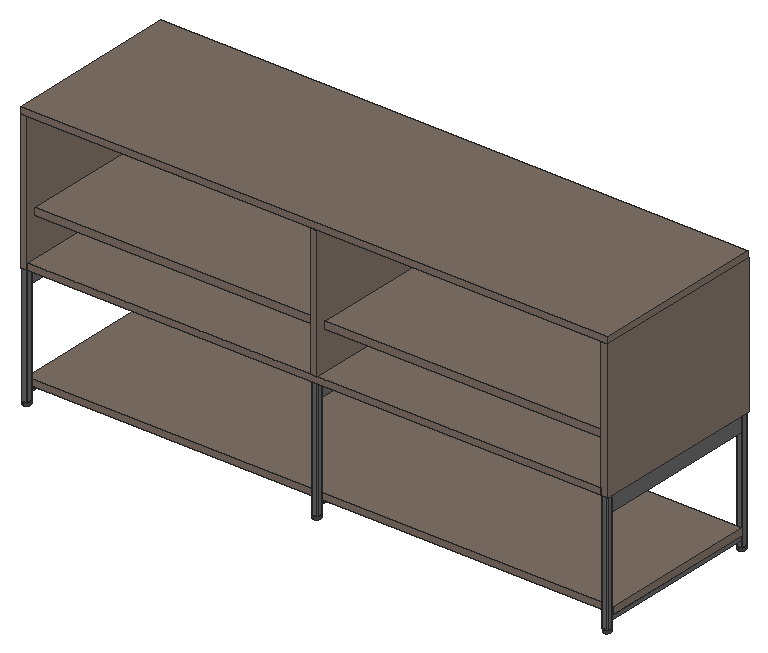
Revit family "Storage-Teknion-LWBHC_Byward_High_Cabinet-R2022", category Furniture, Revit 2022 (continued)
Nested families (in)
  nested 15: "Byward Pull Handle" at (0, -6.95983, -38), visible <- "Single Right Byward Pull Handle", type "Byward Pull"
    with To render please download texture images found here "https://assets.teknion.com/web/5e81352c1dfdb467/revit-material-swatches/", How To Use Teknion Materials User Guide "https://assets.teknion.com/m/205dd0a49fa58060/original/How-to-add-a-Material-Library-and-Texture-Images-to-your-Revit-project.pdf", For Additional Finishes please visit "https://assets.teknion.com/m/44a8009b046e5d47/original/Teknion_Materials_Library.zip"
  nested 16: "Byward Pull Handle" at (0, -6.95983, -38) x (-1, 0, 0) z (0, 0, 1), visible <- "Single Left Byward Pull Handle", type "Byward Pull"
    with To render please download texture images found here "https://assets.teknion.com/web/5e81352c1dfdb467/revit-material-swatches/", How To Use Teknion Materials User Guide "https://assets.teknion.com/m/205dd0a49fa58060/original/How-to-add-a-Material-Library-and-Texture-Images-to-your-Revit-project.pdf", For Additional Finishes please visit "https://assets.teknion.com/m/44a8009b046e5d47/original/Teknion_Materials_Library.zip"
  nested 17: "Rectangular Pull Handle" at (0.19655, -6.95983, -38) x (-1, 0, 0) z (0, 0, 1), visible <- "Single Left Rectangular Pull Handle", type "Rectangular Pull"
    with To render please download texture images found here "https://assets.teknion.com/web/5e81352c1dfdb467/revit-material-swatches/", How To Use Teknion Materials User Guide "https://assets.teknion.com/m/205dd0a49fa58060/original/How-to-add-a-Material-Library-and-Texture-Images-to-your-Revit-project.pdf", For Additional Finishes please visit "https://assets.teknion.com/m/44a8009b046e5d47/original/Teknion_Materials_Library.zip"
  nested 18: "Accessories-Teknion-Byward_Handle-R2018" at (-1.71878, -7.38904, 16.81791) x (-1, 0, 0) z (0, 0, 1), visible <- "Single Left Byward Tab Handle", Handle Paint Finish <- "Handle Paint Finish", Handle Leather Finish <- "Handle Leather Finish", type "Byward Handle"
    with To render please download texture images found here "https://assets.teknion.com/web/5e81352c1dfdb467/revit-material-swatches/", How To Use Teknion Materials User Guide "https://assets.teknion.com/m/205dd0a49fa58060/original/How-to-add-a-Material-Library-and-Texture-Images-to-your-Revit-project.pdf", Handle Paint Finish Paint - Teknion - Mica - Anthracite, Handle Leather Finish Leather-Teknion-N68-Natural, For Additional Finishes please visit "https://assets.teknion.com/m/44a8009b046e5d47/original/Teknion_Materials_Library.zip"
  nested 19: "Teknion_2D_Node_Family-R2021" at (30, 11, 0), type "Teknion_2D_Node_Family-R2021"
  nested 20: "Teknion_2D_Node_Family-R2021" at (-30, 11, 0), type "Teknion_2D_Node_Family-R2021"
  nested 21: "Teknion_2D_Node_Family-R2021" at (-30, -7, 0), type "Teknion_2D_Node_Family-R2021"
  nested 22: "Teknion_2D_Node_Family-R2021" at (30, -7, 0), type "Teknion_2D_Node_Family-R2021"
Definition of nested family "Accessories-Teknion-Byward_Handle-R2018"
  Parameters (values of type "Byward Handle")
    Warranty = "http://www.teknion.com/ca/papers/legal-canada"
    Unit Weight URL = "http://www.teknion.com/ca/tools/assets#&asset=bee6a381-b954-425e-8283-5a2de3a804f2,f828d448-4b62-4231-9e5f-9a8991c0ed77"
    URL = "www.teknion.com"
    To render please download texture images found here [instance] = "https://assets.teknion.com/web/5e81352c1dfdb467/revit-material-swatches/"
    Sustainability Data = "https://www.teknion.com/ca/tools/assets#&topic=216f99a5-57a0-44fc-b10a-9dee9b29ae4c&asset=444deb64-fe58-4b68-981e-f75e97781df7,b4ff2d81-9f2e-437d-9659-7cffb09c31cf"
    Series = "Litewood"  # constant formula
    Product Page URL = "https://www.teknion.com/ca/products/all-products"
    Product Line = "Litewood"  # constant formula
    Product Documentation Link = "https://assets.teknion.com/m/2907dbaaaca18007/original/Byward-Reference-Guide.pdf"
    Model = "Byward Handle"
    Manufacturer Phone = "416-661-3370"  # constant formula
    Manufacturer Fax = "416.661.4586"  # constant formula
    Manufacturer Contact Information = "http://www.teknion.com/ca/contactus"
    Manufacturer Address = "1150 Flint Road, Toronto, ON. M3J 2J5. Canada"  # constant formula
    Manufacturer = "Teknion"  # constant formula
    Left Door Single Handle = yes
    How To Use Teknion Materials User Guide [instance] = "https://assets.teknion.com/m/205dd0a49fa58060/original/How-to-add-a-Material-Library-and-Texture-Images-to-your-Revit-project.pdf"
    Handle Paint Finish [instance] = none
    Handle Leather Finish [instance] = none
    For Additional Finishes please visit [instance] = "https://assets.teknion.com/m/44a8009b046e5d47/original/Teknion_Materials_Library.zip"
    Description = "Byward Handle"
    Default Elevation = 0.000"
    Assembly Code = "E2020200"
  Reference planes (in)
    plane 1 "Center Front/Back": y = 0
    plane 2: z = 0
    plane 3 "Center Left/Right": x = 0
    plane 4 "Left": x = -0.65705
    plane 5 "Right": x = 0.65705
    plane 6 "Back": y = 0.42921
    plane 7 "Front": y = -0.42921
    plane 8 "Top": z = 2.875
  Forms (in)
    Sweep 1, solid, material <- "Handle Leather Finish"
      path origin (-4.63018, 6.91771, -18.57574) x (1, 0, 0) y (0, 1, 0)
        loop
          line (4.13018, -7.1032) -> (5.13018, -7.1032)
      profile origin (0, -0.18549, -18.57574) x (0, 1, 0) y (0, 0, 1)
        loop
          line (0.50628, 21.27357) -> (0.40785, 21.27357) -> (0.40785, 18.95074)
          arc (0.40785, 18.95074) -> (0.13124, 18.67413) -> (-0.14537, 18.95074) r 0.27661
          arc (-0.14537, 18.95074) -> (-0.09403, 19.31656) -> (0.05602, 19.65413) r 1.32907
          arc (0.05602, 19.65413) -> (0.11752, 19.74156) -> (0.17522, 19.83156) r 2.49364
          arc (0.17522, 19.83156) -> (0.34133, 20.21237) -> (0.39785, 20.62397) r 1.51654
          line (0.39785, 20.62397) -> (0.39785, 21.32131)
          arc (0.39785, 21.32131) -> (0.40693, 21.34323) -> (0.42885, 21.35231) r 0.031
          line (0.42885, 21.35231) -> (0.48528, 21.35231)
          arc (0.48528, 21.35231) -> (0.5072, 21.34323) -> (0.51628, 21.32131) r 0.031
          line (0.51628, 21.32131) -> (0.51628, 20.62417) -> (0.6147, 20.62417) -> (0.6147, 21.34457)
          arc (0.6147, 21.34457) -> (0.56823, 21.41989) -> (0.48528, 21.45074) r 0.13618
          line (0.48528, 21.45074) -> (0.42885, 21.45074)
          arc (0.42885, 21.45074) -> (0.33734, 21.41283) -> (0.29943, 21.32131) r 0.12943
          line (0.29943, 21.32131) -> (0.29943, 20.62387)
          arc (0.29943, 20.62387) -> (0.23415, 20.19986) -> (0.04434, 19.81512) r 1.40962
          arc (0.04434, 19.81512) -> (-0.11062, 19.54129) -> (-0.21043, 19.2429) r 1.63968
          arc (-0.21043, 19.2429) -> (-0.23537, 19.09776) -> (-0.24372, 18.95074) r 1.29857
          arc (-0.24372, 18.95074) -> (0.13128, 18.57574) -> (0.50628, 18.95074) r 0.375
          line (0.50628, 18.95074) -> (0.50628, 21.27357)
    Sweep 2, solid, material <- "Handle Paint Finish"
      path origin (-4.63018, 7.42921, -18.57574) x (1, 0, 0) y (0, 0, 1)
        loop
          line (4.63018, 21.35231) -> (4.63018, 20.66385)
      profile origin (0, 7.42921, 2.43234) x (0, -1, 0) y (1, 0, 0)
        loop
          line (7, -0.65705) -> (7.39036, -0.64265)
          arc (7.39036, -0.64265) -> (7.44292, -0.62039) -> (7.46737, -0.56882) r 0.08022
          line (7.46737, -0.56882) -> (7.46737, 0.56882)
          arc (7.46737, 0.56882) -> (7.44292, 0.62039) -> (7.39036, 0.64265) r 0.08022
          line (7.39036, 0.64265) -> (7, 0.65705) -> (7, -0.65705)
  Lines and regions (in)
    Masking region 1, visible <- "Left Door Single Handle"
      outline origin (-4.63308, 6.91771, 0) x (1, 0, 0) y (0, 1, 0)
        loop
          line (4.13018, -7.34692) -> (5.13018, -7.34692) -> (5.13018, -6.95587) -> (4.13018, -6.95587) -> (4.13018, -7.34692)
    Masking region 2, visible <- "Left Door Single Handle"
      outline origin (-4.63308, 6.91771, 0) x (1, 0, 0) y (0, 1, 0)
        loop
          line (3.97312, -6.4885) -> (3.98752, -6.87886)
          arc (3.98752, -6.87886) -> (4.00978, -6.93142) -> (4.06135, -6.95587) r 0.08022
          line (4.06135, -6.95587) -> (5.199, -6.95587)
          arc (5.199, -6.95587) -> (5.25057, -6.93142) -> (5.27283, -6.87886) r 0.08022
          line (5.27283, -6.87886) -> (5.28723, -6.4885) -> (3.97312, -6.4885)
  Dimensions and locks (in)
    plane 4 "Left" to plane 5 "Right" = 1.3141"
    plane 6 "Back" to plane 7 "Front" = 0.85843"
    plane 8 "Top" to level = 2.875"
    locked: Sweep 1 sketch curve to Sweep 1 sketch curve at 1
    Sweep 2 sketch curve to Sweep 2 sketch curve to Sweep 2 sketch curve to Sweep 2 sketch curve to Sweep 2 sketch curve to Sweep 2 sketch curve = 0.0144" locked, 0.08016" locked, 1.12498" locked, 0.08016" locked, 0.0144" locked
    Sweep 2 sketch curve to Sweep 2 sketch curve to Sweep 2 sketch curve = 0.07997" locked, 0.000" locked
    aligned and locked: level to plane 2
Definition of nested family "Byward Pull Handle"
  Parameters (values of type "Byward Pull")
    Width = 0.000"
    Warranty = "http://www.teknion.com/ca/papers/legal-canada"
    Unit Weight URL = "http://www.teknion.com/ca/tools/assets#&asset=bee6a381-b954-425e-8283-5a2de3a804f2,f828d448-4b62-4231-9e5f-9a8991c0ed77"
    URL = "www.teknion.com"
    To render please download texture images found here [instance] = "https://assets.teknion.com/web/5e81352c1dfdb467/revit-material-swatches/"
    Sustainability Data = "https://www.teknion.com/ca/tools/assets#&topic=216f99a5-57a0-44fc-b10a-9dee9b29ae4c&asset=444deb64-fe58-4b68-981e-f75e97781df7,b4ff2d81-9f2e-437d-9659-7cffb09c31cf"
    Series = ""
    Product Page URL = ""
    Product Line = ""
    Product Documentation Link = ""
    Part Number = ""
    Model = "1"
    Manufacturer Phone = "416-661-3370"  # constant formula
    Manufacturer Fax = "416.661.4586"  # constant formula
    Manufacturer Contact Information = "http://www.teknion.com/ca/contactus"
    Manufacturer Address = "1150 Flint Road, Toronto, ON. M3J 2J5. Canada"  # constant formula
    Manufacturer = "Teknion"  # constant formula
    Length = 0.000"
    How To Use Teknion Materials User Guide [instance] = "https://assets.teknion.com/m/205dd0a49fa58060/original/How-to-add-a-Material-Library-and-Texture-Images-to-your-Revit-project.pdf"
    Height = 63.000"
    Handle Paint Finish = none
    Handle Leather Finish = none
    For Additional Finishes please visit [instance] = "https://assets.teknion.com/m/44a8009b046e5d47/original/Teknion_Materials_Library.zip"
    Depth = 0.000"
    Default Elevation = 0.000"
    Byward Pull Handle = yes
    Assembly Code = "E2020200"
  Reference planes (in)
    plane 1 "Center Front/Back": y = 0
    plane 2: z = 0
    plane 3 "Center Left/Right": x = 0
    plane 4 "Left": x = -51
    plane 5 "Right": x = 51
    plane 6 "Back": y = 41.78173
    plane 7 "Front": y = -41.78173
    plane 8 "Top": z = 63
  Forms (in)
    Sweep 1, solid, material <- "Handle Leather Finish", visible <- "Byward Pull Handle"
      path origin (-21.866, 20.8797, 39.70819) x (0, -1, 0) y (1, 0, 0)
        loop
          line (3, 22.941) -> (3, 23.941)
      profile origin (1.575, 17.8797, 39.70819) x (0, 1, 0) y (0, 0, 1)
        loop
          line (-18.1947, 15.89549) -> (-18.1947, 15.19814)
          arc (-18.1947, 15.19814) -> (-18.15679, 15.10663) -> (-18.06527, 15.06872) r 0.12943
          line (-18.06527, 15.06872) -> (-18.00913, 15.06872)
          arc (-18.00913, 15.06872) -> (-17.91544, 15.10879) -> (-17.8797, 15.20421) r 0.12956
          line (-17.8797, 15.20421) -> (-17.8797, 15.89549) -> (-17.97813, 15.89549) -> (-17.97813, 15.19814)
          arc (-17.97813, 15.19814) -> (-17.9872, 15.17622) -> (-18.00913, 15.16714) r 0.031
          line (-18.00913, 15.16714) -> (-18.06527, 15.16714)
          arc (-18.06527, 15.16714) -> (-18.0872, 15.17622) -> (-18.09627, 15.19814) r 0.031
          line (-18.09627, 15.19814) -> (-18.09627, 15.89549) -> (-18.11823, 16.46083)
          spline (-18.11823, 16.46083) -> (-18.1996, 17.12545) -> (-18.24784, 17.53202) -> (-18.27391, 17.78142) -> (-18.2887, 17.97395) -> (-18.29939, 18.17376) -> (-18.30725, 18.38749) -> (-18.31302, 18.61667) -> (-18.3155, 18.87083) -> (-18.3067, 19.18701) -> (-18.27717, 19.60814) -> (-18.2175, 20.17714) -> (-18.11823, 20.93695)
          line (-18.11823, 20.93695) -> (-18.0967, 21.50033) -> (-18.0967, 22.1985)
          arc (-18.0967, 22.1985) -> (-18.0875, 22.22072) -> (-18.06527, 22.22992) r 0.03143
          line (-18.06527, 22.22992) -> (-18.00913, 22.22992)
          arc (-18.00913, 22.22992) -> (-17.9869, 22.22072) -> (-17.9777, 22.1985) r 0.03143
          line (-17.9777, 22.1985) -> (-17.9777, 21.50158) -> (-17.8797, 21.50158) -> (-17.8797, 22.18392)
          arc (-17.8797, 22.18392) -> (-17.91216, 22.28504) -> (-18.00913, 22.32835) r 0.1302
          line (-18.00913, 22.32835) -> (-18.06527, 22.32835)
          arc (-18.06527, 22.32835) -> (-18.16224, 22.28504) -> (-18.1947, 22.18392) r 0.1302
          line (-18.1947, 22.18392) -> (-18.1947, 21.51146) -> (-18.21666, 20.93695)
          spline (-18.21666, 20.93695) -> (-18.31592, 20.17714) -> (-18.3756, 19.60814) -> (-18.40512, 19.18701) -> (-18.41393, 18.87083) -> (-18.41145, 18.61667) -> (-18.40567, 18.38749) -> (-18.39782, 18.17376) -> (-18.38713, 17.97395) -> (-18.37234, 17.78142) -> (-18.34627, 17.53202) -> (-18.29802, 17.12545) -> (-18.21666, 16.46083)
          line (-18.21666, 16.46083) -> (-18.1947, 15.89549)
    Sweep 2, solid, material <- "Handle Paint Finish", visible <- "Byward Pull Handle"
      path origin (-21.866, 14.77998, 38.92079) x (1, 0, 0) y (0, 1, 0)
        loop
          line (22.941, -14.77998) -> (22.941, -15.09525) -> (23.941, -15.09525) -> (23.941, -14.77998)
      profile origin (1.575, -0.31528, 38.92079) x (0, 1, 0) y (0, 0, 1)
        loop
          spline (-0.15539, 22.88984) -> (-0.15002, 22.84517) -> (-0.14562, 22.80093) -> (-0.1422, 22.75711) -> (-0.13975, 22.71372) -> (-0.13828, 22.67076) -> (-0.1378, 22.62822) -> (-0.13828, 22.58611) -> (-0.13975, 22.54443) -> (-0.1422, 22.50318) -> (-0.14562, 22.46235) -> (-0.15002, 22.42195) -> (-0.15539, 22.38198)
          line (-0.15539, 22.38198) -> (-0.09815, 22.38048) -> (-0.09815, 22.30226) -> (-0.02024, 22.30022) -> (-0.02024, 22.97161) -> (-0.09815, 22.96957) -> (-0.09815, 22.89134) -> (-0.15539, 22.88984)
        loop
          spline (-0.15539, 16.59107) -> (-0.15002, 16.5464) -> (-0.14562, 16.50215) -> (-0.1422, 16.45834) -> (-0.13975, 16.41495) -> (-0.13828, 16.37198) -> (-0.1378, 16.32945) -> (-0.13828, 16.28734) -> (-0.13975, 16.24566) -> (-0.1422, 16.20441) -> (-0.14562, 16.16358) -> (-0.15002, 16.12318) -> (-0.15539, 16.08321)
          line (-0.15539, 16.08321) -> (-0.09815, 16.08171) -> (-0.09815, 16.00349) -> (-0.02024, 16.00145) -> (-0.02024, 16.67284) -> (-0.09815, 16.6708) -> (-0.09815, 16.59257) -> (-0.15539, 16.59107)
  Lines and regions (in)
    Masking region 1
      outline origin (0, 0, 0) x (1, 0, 0) y (0, 1, 0)
        loop
          line (1.075, -0.53423) -> (2.075, -0.53423) -> (2.075, 0.00078) -> (1.075, 0.00078) -> (1.075, -0.53423)
    Masking region 2
      outline origin (0, 0, 0) x (1, 0, 0) y (0, 1, 0)
        loop
          line (0.91961, -0.47067) -> (2.23039, -0.47067) -> (2.23039, 0) -> (2.09524, 0) -> (2.09524, -0.33552) -> (1.05476, -0.33552) -> (1.05476, 0) -> (0.91961, 0) -> (0.91961, -0.47067)
    symbolic lines, detail levels medium+fine
      curve 1: line (1.075, -0.098, 0) -> (2.075, -0.098, 0)
      curve 2: line (2.075, -0.217, 0) -> (1.075, -0.217, 0)
      curve 3: line (2.075, -0.23853, 0) -> (1.075, -0.23853, 0)
      curve 4: line (1.075, -0.315, 0) -> (2.075, -0.315, 0)
      curve 5: line (0.97685, 0, 0) -> (0.97685, -0.41343, 0)
      curve 6: line (2.17315, -0.41343, 0) -> (2.17315, 0, 0)
      curve 7: line (0.97685, -0.41343, 0) -> (2.17315, -0.41343, 0)
      curve 8: line (0.91961, -0.47067, 0) -> (1.05476, -0.33552, 0)
      curve 9: line (1.05476, -0.33552, 0) -> (2.09524, -0.33552, 0)
      curve 10: line (2.09524, -0.33552, 0) -> (2.23039, -0.47067, 0)
  Dimensions and locks (in)
    plane 4 "Left" to plane 5 "Right" = 102.000"
    plane 6 "Back" to plane 7 "Front" = 83.56345"
    "Height": plane 8 "Top" to level
    locked: Sweep 1 sketch curve to Sweep 1 sketch curve at 1
    Sweep 2 sketch curve to Sweep 2 sketch curve to Sweep 2 sketch curve = 0.31528", 0.000" locked
    locked: Sweep 2 sketch curve to Sweep 2 sketch curve at 1
    Sweep 1 sketch curve to Sweep 1 sketch curve to Sweep 1 sketch curve to Sweep 1 sketch curve to Sweep 1 sketch curve to Sweep 1 sketch curve to Sweep 1 sketch curve to Sweep 1 sketch curve to Sweep 1 sketch curve to Sweep 1 sketch curve = 0.000" locked, 0.098" locked, 0.00043" locked, 0.11815" locked, 0.00043" locked, 0.02153", 0.07647" locked, 0.000" locked, 0.02196" locked
    Sweep 1 sketch curve to Sweep 1 sketch curve to Sweep 1 sketch curve to Sweep 1 sketch curve to Sweep 1 sketch curve to Sweep 1 sketch curve = 0.09843" locked, 0.72835" locked, 5.60609" locked, 0.72835" locked, 0.09843" locked
    Sweep 2 sketch curve to Sweep 2 sketch curve to Sweep 2 sketch curve to Sweep 2 sketch curve to Sweep 2 sketch curve to Sweep 2 sketch curve to Sweep 2 sketch curve to Sweep 2 sketch curve = 0.000" locked, 0.05725" locked, 0.000" locked, 0.000" locked, 0.000" locked, 0.07791" locked, 0.000" locked
    Sweep 2 sketch curve to Sweep 2 sketch curve to Sweep 2 sketch curve to Sweep 2 sketch curve to Sweep 2 sketch curve to Sweep 2 sketch curve to Sweep 2 sketch curve to Sweep 2 sketch curve = 0.08026" locked, 0.51086" locked, 0.08026" locked, 5.62738" locked, 0.08026" locked, 0.51086" locked, 0.08026" locked
    aligned and locked: level to plane 2
  Automatic sketch dimensions
    plane 3 "Center Left/Right" to Sweep 1 sketch curve = 2.075"
    Sweep 1 sketch curve to plane 1 "Center Front/Back" = 17.8797"
    Sweep 1 sketch curve to Sweep 1 sketch curve = 0.000"  (x9)
    profile plane to Sweep 1 sketch curve = 18.21666"
    Sweep 1 sketch curve to Sweep 1 sketch curve = 0.031"  (x2)
    Sweep 1 sketch curve to Sweep 1 sketch curve = 0.03143"  (x2)
    profile plane to Sweep 1 sketch curve = 15.06872"
    Sweep 1 sketch curve to Sweep 1 sketch curve = 0.00014"
    Sweep 1 sketch curve to Sweep 1 sketch curve = 0.56534"
    Sweep 1 sketch curve to Sweep 1 sketch curve = 0.56462"
    Sweep 1 sketch curve to Sweep 1 sketch curve = 0.00124"
    Sweep 1 sketch curve to Sweep 1 sketch curve = 0.01112"
    Sweep 1 sketch curve to Sweep 1 sketch curve = 0.01457"  (x2)
    plane 3 "Center Left/Right" to Sweep 2 sketch curve = 1.075"
    plane 1 "Center Front/Back" to Sweep 2 sketch curve = 0.31528"
    profile plane to Sweep 2 sketch curve = 0.15539"
    profile plane to Sweep 2 sketch curve = 16.00145"
    Sweep 2 sketch curve to Sweep 2 sketch curve = 0.00204"  (x4)
    Sweep 2 sketch curve to Sweep 2 sketch curve = 0.0015"  (x4)
    Masking region 1 sketch curve to plane 1 "Center Front/Back" = 0.00078"
    plane 3 "Center Left/Right" to Masking region 1 sketch curve = 1.075"
    Masking region 1 sketch curve to Masking region 1 sketch curve = 1.000"
    plane 1 "Center Front/Back" to Masking region 1 sketch curve = 0.53423"
    plane 1 "Center Front/Back" to Masking region 2 sketch curve = 0.000"  (x2)
    plane 3 "Center Left/Right" to Masking region 2 sketch curve = 0.91961"
    plane 1 "Center Front/Back" to Masking region 2 sketch curve = 0.47067"
    Masking region 2 sketch curve to Masking region 2 sketch curve = 1.31079"
    Masking region 2 sketch curve to Masking region 2 sketch curve = 0.13515"  (x3)
    plane 1 "Center Front/Back" to curve 5 = 0.000"
    plane 1 "Center Front/Back" to curve 6 = 0.000"
    plane 3 "Center Left/Right" to curve 7 = 0.97685"
    curve 5 to curve 9 = 0.07791"  (x2)
    curve 8 to curve 6 = 1.11839"
    curve 8 to curve 5 = 0.05725"  (x2)
    curve 8 to curve 4 = 0.02024"
    curve 3 to curve 4 = 0.000"
    curve 2 to curve 3 = 0.000"
    curve 1 to curve 2 = 0.000"  (x2)
    curve 2 to curve 6 = 0.09815"
    curve 4 to curve 2 = 0.000"
    curve 3 to curve 2 = 0.000"
    plane 1 "Center Front/Back" to curve 10 = 0.33552"
    curve 4 to curve 10 = 0.02024"
    plane 1 "Center Front/Back" to curve 10 = 0.47067"
    curve 6 to curve 10 = 0.05725"
    curve 8 to curve 4 = 0.02052"
    curve 4 to curve 3 = 0.07647"
    curve 3 to curve 2 = 0.02153"
    plane 1 "Center Front/Back" to curve 1 = 0.098"
Definition of nested family "Rectangular Pull Handle"
  Parameters (values of type "Rectangular Pull")
    Width = 0.000"
    Warranty = "http://www.teknion.com/ca/papers/legal-canada"
    Unit Weight URL = "http://www.teknion.com/ca/tools/assets#&asset=bee6a381-b954-425e-8283-5a2de3a804f2,f828d448-4b62-4231-9e5f-9a8991c0ed77"
    URL = "www.teknion.com"
    To render please download texture images found here [instance] = "https://assets.teknion.com/web/5e81352c1dfdb467/revit-material-swatches/"
    Sustainability Data = "https://www.teknion.com/ca/tools/assets#&topic=216f99a5-57a0-44fc-b10a-9dee9b29ae4c&asset=444deb64-fe58-4b68-981e-f75e97781df7,b4ff2d81-9f2e-437d-9659-7cffb09c31cf"
    Series = ""
    Rectangular Pull Handle = yes
    Product Page URL = ""
    Product Line = ""
    Product Documentation Link = ""
    Part Number = ""
    Model = "1"
    Manufacturer Phone = "416-661-3370"  # constant formula
    Manufacturer Fax = "416.661.4586"  # constant formula
    Manufacturer Contact Information = "http://www.teknion.com/ca/contactus"
    Manufacturer Address = "1150 Flint Road, Toronto, ON. M3J 2J5. Canada"  # constant formula
    Manufacturer = "Teknion"  # constant formula
    Length = 0.000"
    How To Use Teknion Materials User Guide [instance] = "https://assets.teknion.com/m/205dd0a49fa58060/original/How-to-add-a-Material-Library-and-Texture-Images-to-your-Revit-project.pdf"
    Height = 63.000"
    Handle Paint Finish = none
    For Additional Finishes please visit [instance] = "https://assets.teknion.com/m/44a8009b046e5d47/original/Teknion_Materials_Library.zip"
    Depth = 0.000"
    Default Elevation = 0.000"
    Byward Pull Handle = yes
    Assembly Code = "E2020200"
  Reference planes (in)
    plane 1 "Center Front/Back": y = 0
    plane 2: z = 0
    plane 3 "Center Left/Right": x = 0
    plane 4 "Left": x = -51
    plane 5 "Right": x = 51
    plane 6 "Back": y = 41.78173
    plane 7 "Front": y = -41.78173
    plane 8 "Top": z = 63
  Forms (in)
    Sweep 1, solid, material <- "Handle Paint Finish", visible <- "Rectangular Pull Handle"
      path origin (12.5648, 4, 25.78924) x (1, 0, 0) y (0, 0, 1)
        loop
          line (-10.94639, 34.31749) -> (-10.94639, 30.91749)
      profile origin (1.61842, 4, 58.40672) x (0, -1, 0) y (1, 0, 0)
        loop
          line (4.75, -0.11187) -> (4, -0.10533) -> (4, -0.61842) -> (4.75, -0.61187) -> (4.75, -0.11187)
    Sweep 2, void
      path origin (12.55699, 3.99219, 25.78924) x (1, 0, 0) y (0, 0, 1)
        loop
          line (-10.94639, 31.63871) -> (-10.94639, 33.59626)
      profile origin (1.61061, 3.99219, 58.40672) x (-1, 0, 0) y (0, -1, 0)
        loop
          arc (0.54231, 4.68) -> (0.30055, 4.65778) -> (0.08031, 4.55562) r 0.71197
          line (0.08031, 4.55562) -> (0.08031, 3.98293) -> (0.54839, 3.98293) -> (0.54231, 4.68)
  Cuts and joins
    Sweep 2 cuts Sweep 1
  Lines and regions (in)
    Masking region 1
      outline origin (-0.31845, 0, 0) x (1, 0, 0) y (0, 1, 0)
        loop
          line (1.31845, 0) -> (1.325, -0.75) -> (1.825, -0.75) -> (1.83155, 0) -> (1.31845, 0)
    symbolic lines, detail levels medium+fine
      curve 1: line (1.06229, 0, 0) -> (1.06829, -0.68781, 0)
      curve 2: arc (1.50804, -0.57823, 0) -> (1.29712, -0.66894, 0) -> (1.06829, -0.68781, 0) r 0.71197
  Dimensions and locks (in)
    plane 4 "Left" to plane 5 "Right" = 102.000"
    plane 6 "Back" to plane 7 "Front" = 83.56345"
    "Height": plane 8 "Top" to level
    Sweep 1 sketch curve to Sweep 1 sketch curve = 3.400"
    Sweep 2 sketch curve to Sweep 2 sketch curve = 1.95755"
    locked: Sweep 1 sketch curve to Sweep 1 sketch curve at 0.5
    locked: Sweep 2 sketch curve to Sweep 2 sketch curve at 0.462
    Sweep 1 sketch curve to Sweep 1 sketch curve = 0.750"
    Sweep 2 sketch curve to Sweep 2 sketch curve = 0.69932"
    aligned and locked: level to plane 2
    aligned and locked: curve 1 to cut or joined group of Sweep 1, Sweep 2
    aligned and locked: curve 2 to cut or joined group of Sweep 1, Sweep 2
  Automatic sketch dimensions
    plane 3 "Center Left/Right" to Sweep 1 sketch curve = 1.61842"
    level to Sweep 1 sketch curve = 56.70672"
    profile plane to Sweep 1 sketch curve = 0.10533"
    profile plane to Sweep 1 sketch curve = 4.000"
    profile plane to Sweep 1 sketch curve = 0.11187"
    Sweep 1 sketch curve to Sweep 1 sketch curve = 0.51309"
    plane 3 "Center Left/Right" to Sweep 2 sketch curve = 1.61061"
    level to Sweep 2 sketch curve = 57.42795"
    Sweep 2 sketch curve to profile plane = 0.08031"
    Sweep 2 sketch curve to Sweep 2 sketch curve = 0.40533"
    Sweep 2 sketch curve to Sweep 2 sketch curve = 0.06275"
    profile plane to Sweep 2 sketch curve = 3.97028"
    Sweep 2 sketch curve to Sweep 2 sketch curve = 0.01265"
    plane 1 "Center Front/Back" to Masking region 1 sketch curve = 0.000"
    plane 3 "Center Left/Right" to Masking region 1 sketch curve = 1.000"
    Masking region 1 sketch curve to Masking region 1 sketch curve = 0.00655"
    plane 1 "Center Front/Back" to Masking region 1 sketch curve = 0.750"
    Masking region 1 sketch curve to Masking region 1 sketch curve = 0.500"
    Masking region 1 sketch curve to Masking region 1 sketch curve = 0.51309"
    plane 1 "Center Front/Back" to curve 1 = 0.000"
    curve 2 to curve 2 = 0.43975"
Definition of nested family "Teknion_2D_Node_Family-R2021"
  Reference planes (in)
    plane 1 "Center (Front/Back)": y = 0
    plane 2: z = 0
    plane 3 "Center (Left/Right)": x = 0
  Lines and regions (in)
    detail lines, in view "Ref. Level"
      curve 1: circle (0, 0, 0) r 1.25 normal (0, 0, 1)
      curve 2: line (1.91508, -1.91508, 0) -> (-1.91508, 1.91508, 0)
      curve 3: line (-1.91508, -1.91508, 0) -> (1.91508, 1.91508, 0)
Types (5): name | Width | Third Leg Visibility | Single Shevle Height | Single Shelf Visibility | Single Right Door Width | Single Right Door Offset 2 | Single Right Door Offset 1 | Single Left Door Width | Single Left Door Offset 1 | Right Modern Straight (ADA) Handle | Right Center Support Visibility | Right Byward Pull Handle | Rectangular Pull Handle | OO | OC | Modern Straight (ADA) Handle | Model | Middle Door DIM 2 | Middle Door DIM | Left Modern Straight (ADA) Handle | Left Center Support Visibility | Left Byward Pull Handle | Height | Shelf Both Sides Visibility | Double Handle DIM | Double Door Width 2 | Double Door Width 1 | Double Right Door Visibility | Double Left Door Visibility | Double Center Divide Visibility | Dooble Door Depth | Description | Depth | DIM Single Right Handle | Center Divide Visibility | Center Divide Position Offset | Center Divide Depth Offset | CO | CC | Byward Pull Handle | Bottom of Case Offset | Actual Height
  (no name) | 60.000" | yes | 9.375" | yes | 17.444" | 13.391" | 0.687" | 17.531" | 13.391" | no | yes | no | yes | yes | no | no | "LWBHCOO______" | 15.000" | 13.249" | no | no | no | 27.000" | no | 15.344" | 14.456" | 14.556" | no | no | no | 13.234" | "Byward High Cabinet, All Open" | 18.000" | 1.254" | yes | 30.000" | 16.524" | no | no | no | 14.000" | 27.250"
  All Open | 60.000" | yes | 9.375" | yes | 17.444" | 13.391" | 0.687" | 17.531" | 13.391" | no | yes | no | yes | yes | no | no | "LWBHCOO______" | 15.000" | 13.249" | no | no | no | 27.000" | no | 15.344" | 14.456" | 14.556" | no | no | no | 13.234" | "Byward High Cabinet, All Open" | 18.000" | 1.254" | yes | 30.000" | 16.524" | no | no | no | 14.000" | 27.250"
  All Closed | 72.000" | yes | 10.540" | no | 17.163" | 13.234" | 0.788" | 15.402" | 13.234" | no | yes | yes | no | no | no | no | "LWBHCCC______" | 17.779" | 17.779" | no | no | yes | 29.000" | yes | 18.344" | 17.538" | 17.538" | yes | yes | yes | 13.234" | "Byward High Cabinet, All Closed" | 20.000" | 1.254" | no | 36.000" | 19.272" | no | yes | yes | 13.173" | 29.000"
  Left Open, Right Closed | 48.000" | no | 9.375" | yes | 17.444" | 13.391" | 0.687" | 17.531" | 13.391" | yes | no | no | no | no | yes | yes | "LWBHCOC______" | 1.752" | 0.059" | no | no | no | 27.000" | no | 16.248" | 14.556" | 14.556" | yes | no | no | 13.234" | "Byward High Cabinet, Left Open, Right Closed" | 14.000" | 9.002" | yes | 18.344" | 13.272" | no | no | no | 13.173" | 27.250"
  Left Closed, Right Open | 60.000" | yes | 10.540" | no | 17.444" | 13.391" | 0.687" | 17.531" | 13.391" | no | no | no | no | no | no | yes | "LWBHCCO______" | 15.000" | 13.249" | yes | yes | no | 29.000" | yes | 15.344" | 14.728" | 14.728" | no | yes | no | 13.391" | "Byward High Cabinet, Left Closed, Right Open" | 20.000" | 1.254" | yes | 31.752" | 19.272" | yes | no | no | 13.173" | 29.000"
